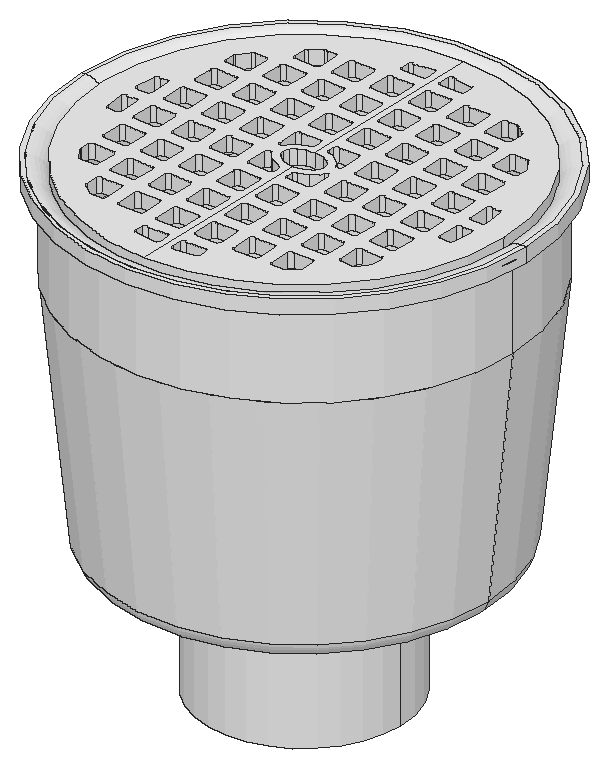
Revit family "Receptor_Sani-Flor_8_Inch_Round_6_Inch_Sump-Zurn-Z1960", category Plumbing Fixtures, Revit 2022 (continued)
Definition of nested family "Z1960-Grate"
  Forms (in)
    Extrusion 2, void
      sketch origin (0, 0, 0) x (1, 0, 0) y (0, 1, 0)
        loop
          arc (0.5782, -0.17191) -> (0.55995, -0.12786) -> (0.5159, -0.10961) r 0.0623
          arc (0.5159, -0.10961) -> (0.48583, -0.11865) -> (0.46399, -0.1412) r 0.06231
          arc (0.46399, -0.1412) -> (0.40736, -0.21858) -> (0.33433, -0.28072) r 0.4106
        loop
          circle (-0.00376, 0) r 3.59375
        loop
          circle (0, 0) r 3.99606
        loop
          arc (0, 0.25) -> (-0.07529, 0.24492) -> (-0.14921, 0.22978) r 0.56055
          arc (-0.14921, 0.22978) -> (-0.2093, 0.2079) -> (-0.26516, 0.17678) r 0.40191
          arc (-0.26516, 0.17678) -> (-0.31192, 0.13781) -> (-0.34936, 0.08983) r 0.28571
          arc (-0.34936, 0.08983) -> (-0.36847, 0.04671) -> (-0.375, 0) r 0.17022
          arc (-0.375, 0) -> (-0.36847, -0.04671) -> (-0.34936, -0.08983) r 0.17022
          arc (-0.34936, -0.08983) -> (-0.31192, -0.13781) -> (-0.26516, -0.17678) r 0.28571
          arc (-0.26516, -0.17678) -> (-0.2093, -0.2079) -> (-0.14921, -0.22978) r 0.40191
          arc (-0.14921, -0.22978) -> (-0.07529, -0.24492) -> (0, -0.25) r 0.56055
          arc (0, -0.25) -> (0.07529, -0.24492) -> (0.14921, -0.22978) r 0.56055
          arc (0.14921, -0.22978) -> (0.2093, -0.2079) -> (0.26517, -0.17678) r 0.40191
          arc (0.26517, -0.17678) -> (0.31192, -0.13781) -> (0.34936, -0.08983) r 0.28571
          arc (0.34936, -0.08983) -> (0.36847, -0.04671) -> (0.375, 0) r 0.17022
          arc (0.375, 0) -> (0.36847, 0.04671) -> (0.34936, 0.08983) r 0.17022
          arc (0.34936, 0.08983) -> (0.31192, 0.13781) -> (0.26517, 0.17678) r 0.28571
          arc (0.26517, 0.17678) -> (0.2093, 0.2079) -> (0.14921, 0.22978) r 0.40191
          arc (0.14921, 0.22978) -> (0.07529, 0.24492) -> (0, 0.25) r 0.56055
      from -0.25 to 0
  Cuts and joins
    Extrusion 2 cuts Revolve 1
  Lines and regions (in)
    symbolic lines, detail levels fine
      curve 1: arc (-0.17535, 3.15138, 0) -> (-0.35124, 3.13665, 0) -> (-0.52604, 3.1121, 0) r 3.15625
      curve 2: arc (-0.52604, 3.1121, 0) -> (-0.56336, 3.09082, 0) -> (-0.57812, 3.05048, 0) r 0.0625
      curve 3: line (-0.57812, 3.05048, 0) -> (-0.57812, 2.92187, 0)
      curve 4: arc (-0.57812, 2.92187, 0) -> (-0.55982, 2.87768, 0) -> (-0.51562, 2.85937, 0) r 0.0625
      curve 5: line (-0.51562, 2.85937, 0) -> (-0.17187, 2.85937, 0)
      curve 6: arc (-0.17187, 2.85937, 0) -> (-0.12768, 2.87768, 0) -> (-0.10937, 2.92187, 0) r 0.0625
      curve 7: line (-0.10937, 2.92187, 0) -> (-0.10937, 3.08897, 0)
      curve 8: arc (-0.10937, 3.08897, 0) -> (-0.12893, 3.13438, 0) -> (-0.17535, 3.15138, 0) r 0.0625
      curve 9: arc (0.17535, 3.15138, 0) -> (0.35124, 3.13665, 0) -> (0.52604, 3.1121, 0) r 3.15625
      curve 10: arc (0.52604, 3.1121, 0) -> (0.56336, 3.09082, 0) -> (0.57812, 3.05048, 0) r 0.0625
      curve 11: line (0.57812, 3.05048, 0) -> (0.57812, 2.92187, 0)
      curve 12: arc (0.57812, 2.92187, 0) -> (0.55982, 2.87768, 0) -> (0.51562, 2.85937, 0) r 0.0625
      curve 13: line (0.51562, 2.85937, 0) -> (0.17187, 2.85937, 0)
      curve 14: arc (0.17187, 2.85937, 0) -> (0.12768, 2.87768, 0) -> (0.10937, 2.92187, 0) r 0.0625
      curve 15: line (0.10937, 2.92187, 0) -> (0.10937, 3.08897, 0)
      curve 16: arc (0.10937, 3.08897, 0) -> (0.12893, 3.13438, 0) -> (0.17535, 3.15138, 0) r 0.0625
      curve 17: line (-0.17187, 2.64063, 0) -> (-0.51562, 2.64063, 0)
      curve 18: arc (-0.51562, 2.64063, 0) -> (-0.55982, 2.62232, 0) -> (-0.57812, 2.57813, 0) r 0.0625
      curve 19: line (-0.57812, 2.57813, 0) -> (-0.57812, 2.23437, 0)
      curve 20: arc (-0.57812, 2.23437, 0) -> (-0.55982, 2.19018, 0) -> (-0.51562, 2.17187, 0) r 0.0625
      curve 21: line (-0.51562, 2.17187, 0) -> (-0.17187, 2.17187, 0)
      curve 22: arc (-0.17187, 2.17187, 0) -> (-0.12768, 2.19018, 0) -> (-0.10937, 2.23438, 0) r 0.0625
      curve 23: line (-0.10937, 2.23438, 0) -> (-0.10937, 2.57813, 0)
      curve 24: arc (-0.10937, 2.57813, 0) -> (-0.12768, 2.62232, 0) -> (-0.17187, 2.64063, 0) r 0.0625
      curve 25: line (-0.85937, 2.64063, 0) -> (-1.20312, 2.64063, 0)
      curve 26: arc (-1.20312, 2.64063, 0) -> (-1.24732, 2.62232, 0) -> (-1.26562, 2.57813, 0) r 0.0625
      curve 27: arc (-0.79687, 2.57813, 0) -> (-0.81518, 2.62232, 0) -> (-0.85937, 2.64063, 0) r 0.0625
      curve 28: line (-0.79687, 2.23437, 0) -> (-0.79687, 2.57813, 0)
      curve 29: line (-1.26562, 2.57813, 0) -> (-1.26562, 2.23437, 0)
      curve 30: arc (-1.26562, 2.23437, 0) -> (-1.24732, 2.19018, 0) -> (-1.20312, 2.17187, 0) r 0.0625
      curve 31: line (-1.20312, 2.17187, 0) -> (-0.85937, 2.17187, 0)
      curve 32: arc (-0.85937, 2.17187, 0) -> (-0.81518, 2.19018, 0) -> (-0.79687, 2.23437, 0) r 0.0625
      curve 33: arc (-1.74468, 2.63021, 0) -> (-1.83793, 2.56591, 0) -> (-1.92882, 2.49831, 0) r 3.15625
      curve 34: arc (-1.92882, 2.49831, 0) -> (-1.94672, 2.4764, 0) -> (-1.95312, 2.44884, 0) r 0.0625
      curve 35: line (-1.95312, 2.44884, 0) -> (-1.95312, 2.23437, 0)
      curve 36: arc (-1.95312, 2.23437, 0) -> (-1.93482, 2.19018, 0) -> (-1.89062, 2.17187, 0) r 0.0625
      curve 37: line (-1.89062, 2.17187, 0) -> (-1.54687, 2.17187, 0)
      curve 38: arc (-1.54687, 2.17187, 0) -> (-1.50268, 2.19018, 0) -> (-1.48437, 2.23437, 0) r 0.0625
      curve 39: line (-1.48437, 2.23437, 0) -> (-1.48437, 2.57813, 0)
      curve 40: arc (-1.48437, 2.57813, 0) -> (-1.50268, 2.62232, 0) -> (-1.54687, 2.64063, 0) r 0.0625
      curve 41: line (-1.54687, 2.64063, 0) -> (-1.71013, 2.64063, 0)
      curve 42: arc (-1.71013, 2.64063, 0) -> (-1.72818, 2.63796, 0) -> (-1.74468, 2.63021, 0) r 0.0625
      curve 43: arc (-2.49831, 1.92882, 0) -> (-2.56591, 1.83793, 0) -> (-2.63021, 1.74468, 0) r 3.15625
      curve 44: arc (-2.44884, 1.95312, 0) -> (-2.4764, 1.94672, 0) -> (-2.49831, 1.92882, 0) r 0.0625
      curve 45: line (-2.23437, 1.95312, 0) -> (-2.44884, 1.95312, 0)
      curve 46: arc (-2.17187, 1.89062, 0) -> (-2.19018, 1.93482, 0) -> (-2.23437, 1.95312, 0) r 0.0625
      curve 47: line (-2.17187, 1.54688, 0) -> (-2.17187, 1.89062, 0)
      curve 48: arc (-2.23437, 1.48438, 0) -> (-2.19018, 1.50268, 0) -> (-2.17187, 1.54688, 0) r 0.0625
      curve 49: line (-2.57812, 1.48437, 0) -> (-2.23437, 1.48437, 0)
      curve 50: arc (-2.64062, 1.54687, 0) -> (-2.62232, 1.50268, 0) -> (-2.57812, 1.48437, 0) r 0.0625
      curve 51: line (-2.64062, 1.71013, 0) -> (-2.64062, 1.54687, 0)
      curve 52: arc (-2.63021, 1.74468, 0) -> (-2.63796, 1.72818, 0) -> (-2.64062, 1.71013, 0) r 0.0625
      curve 53: line (-1.54687, 1.95312, 0) -> (-1.89062, 1.95312, 0)
      curve 54: arc (-1.89062, 1.95312, 0) -> (-1.93482, 1.93482, 0) -> (-1.95312, 1.89062, 0) r 0.0625
      curve 55: arc (-1.48437, 1.89062, 0) -> (-1.50268, 1.93482, 0) -> (-1.54687, 1.95312, 0) r 0.0625
      curve 56: line (-1.48437, 1.54688, 0) -> (-1.48437, 1.89062, 0)
      curve 57: line (-1.95312, 1.89062, 0) -> (-1.95312, 1.54687, 0)
      curve 58: arc (-1.95312, 1.54687, 0) -> (-1.93482, 1.50268, 0) -> (-1.89062, 1.48438, 0) r 0.0625
      curve 59: arc (-1.54687, 1.48437, 0) -> (-1.50268, 1.50268, 0) -> (-1.48437, 1.54688, 0) r 0.0625
      curve 60: line (-1.89062, 1.48438, 0) -> (-1.54687, 1.48437, 0)
      curve 61: line (-0.85937, 1.95312, 0) -> (-1.20312, 1.95312, 0)
      curve 62: arc (-1.20312, 1.95312, 0) -> (-1.24732, 1.93482, 0) -> (-1.26562, 1.89062, 0) r 0.0625
      curve 63: arc (-0.79687, 1.89062, 0) -> (-0.81518, 1.93482, 0) -> (-0.85937, 1.95312, 0) r 0.0625
      curve 64: line (-0.79687, 1.54688, 0) -> (-0.79687, 1.89062, 0)
      curve 65: line (-1.26562, 1.89062, 0) -> (-1.26562, 1.54688, 0)
      curve 66: arc (-1.26562, 1.54687, 0) -> (-1.24732, 1.50268, 0) -> (-1.20312, 1.48438, 0) r 0.0625
      curve 67: arc (-0.85937, 1.48438, 0) -> (-0.81518, 1.50268, 0) -> (-0.79687, 1.54688, 0) r 0.0625
      curve 68: line (-1.20312, 1.48438, 0) -> (-0.85937, 1.48437, 0)
      curve 69: arc (-0.57713, 1.54687, 0) -> (-0.55882, 1.50268, 0) -> (-0.51463, 1.48438, 0) r 0.0625
      curve 70: line (-0.57713, 1.89062, 0) -> (-0.57713, 1.54688, 0)
      curve 71: arc (-0.51463, 1.95312, 0) -> (-0.55882, 1.93482, 0) -> (-0.57713, 1.89062, 0) r 0.0625
      curve 72: line (-0.17088, 1.95312, 0) -> (-0.51463, 1.95312, 0)
      curve 73: line (-0.51463, 1.48438, 0) -> (-0.17088, 1.48437, 0)
      curve 74: arc (-0.17088, 1.48438, 0) -> (-0.12668, 1.50268, 0) -> (-0.10838, 1.54688, 0) r 0.0625
      curve 75: line (-0.10838, 1.54688, 0) -> (-0.10838, 1.89062, 0)
      curve 76: arc (-0.10838, 1.89062, 0) -> (-0.12668, 1.93482, 0) -> (-0.17088, 1.95312, 0) r 0.0625
      curve 77: line (-0.17187, 1.26562, 0) -> (-0.51562, 1.26562, 0)
      curve 78: arc (-0.51562, 1.26562, 0) -> (-0.55982, 1.24732, 0) -> (-0.57812, 1.20312, 0) r 0.0625
      curve 79: arc (-0.10937, 1.20312, 0) -> (-0.12768, 1.24732, 0) -> (-0.17187, 1.26562, 0) r 0.0625
      curve 80: line (-0.10937, 0.85938, 0) -> (-0.10937, 1.20312, 0)
      curve 81: line (-0.57812, 1.20312, 0) -> (-0.57812, 0.85938, 0)
      curve 82: arc (-0.57812, 0.85938, 0) -> (-0.55982, 0.81518, 0) -> (-0.51562, 0.79688, 0) r 0.0625
      curve 83: line (-0.51562, 0.79688, 0) -> (-0.17187, 0.79688, 0)
      curve 84: arc (-0.17187, 0.79688, 0) -> (-0.12768, 0.81518, 0) -> (-0.10937, 0.85938, 0) r 0.0625
      curve 85: line (-0.79687, 0.85938, 0) -> (-0.79687, 1.20312, 0)
      curve 86: line (-0.85937, 1.26562, 0) -> (-1.20312, 1.26562, 0)
      curve 87: arc (-0.79687, 1.20312, 0) -> (-0.81518, 1.24732, 0) -> (-0.85937, 1.26562, 0) r 0.0625
      curve 88: arc (-1.20312, 1.26562, 0) -> (-1.24732, 1.24732, 0) -> (-1.26562, 1.20312, 0) r 0.0625
      curve 89: line (-1.26562, 1.20312, 0) -> (-1.26562, 0.85937, 0)
      curve 90: arc (-1.26562, 0.85937, 0) -> (-1.24732, 0.81518, 0) -> (-1.20312, 0.79687, 0) r 0.0625
      curve 91: line (-1.20312, 0.79687, 0) -> (-0.85937, 0.79688, 0)
      curve 92: arc (-0.85937, 0.79688, 0) -> (-0.81518, 0.81518, 0) -> (-0.79687, 0.85938, 0) r 0.0625
      curve 93: line (-1.54687, 1.26562, 0) -> (-1.89062, 1.26562, 0)
      curve 94: arc (-1.89062, 1.26562, 0) -> (-1.93482, 1.24732, 0) -> (-1.95312, 1.20312, 0) r 0.0625
      curve 95: arc (-1.48437, 1.20312, 0) -> (-1.50268, 1.24732, 0) -> (-1.54687, 1.26562, 0) r 0.0625
      curve 96: line (-1.48437, 0.85937, 0) -> (-1.48437, 1.20312, 0)
      curve 97: line (-1.95312, 1.20312, 0) -> (-1.95312, 0.85937, 0)
      curve 98: arc (-1.95312, 0.85937, 0) -> (-1.93482, 0.81518, 0) -> (-1.89062, 0.79687, 0) r 0.0625
      curve 99: arc (-1.54687, 0.79687, 0) -> (-1.50268, 0.81518, 0) -> (-1.48437, 0.85937, 0) r 0.0625
      curve 100: line (-1.89062, 0.79687, 0) -> (-1.54687, 0.79687, 0)
      curve 101: line (-2.23437, 1.26562, 0) -> (-2.57812, 1.26562, 0)
      curve 102: arc (-2.17187, 1.20312, 0) -> (-2.19018, 1.24732, 0) -> (-2.23437, 1.26562, 0) r 0.0625
      curve 103: arc (-2.57812, 1.26562, 0) -> (-2.62232, 1.24732, 0) -> (-2.64062, 1.20312, 0) r 0.0625
      curve 104: line (-2.64062, 1.20312, 0) -> (-2.64062, 0.85937, 0)
      curve 105: line (-2.17187, 0.85937, 0) -> (-2.17187, 1.20312, 0)
      curve 106: arc (-2.23437, 0.79687, 0) -> (-2.19018, 0.81518, 0) -> (-2.17187, 0.85937, 0) r 0.0625
      curve 107: arc (-2.64062, 0.85937, 0) -> (-2.62232, 0.81518, 0) -> (-2.57812, 0.79687, 0) r 0.0625
      curve 108: line (-2.57812, 0.79687, 0) -> (-2.23437, 0.79687, 0)
      curve 109: arc (-3.1121, 0.52604, 0) -> (-3.13664, 0.35124, 0) -> (-3.15138, 0.17535, 0) r 3.15625
      curve 110: arc (-3.05048, 0.57812, 0) -> (-3.09082, 0.56336, 0) -> (-3.1121, 0.52604, 0) r 0.0625
      curve 111: line (-2.92187, 0.57812, 0) -> (-3.05048, 0.57812, 0)
      curve 112: arc (-2.85937, 0.51562, 0) -> (-2.87768, 0.55982, 0) -> (-2.92187, 0.57812, 0) r 0.0625
      curve 113: line (-2.85937, 0.17187, 0) -> (-2.85937, 0.51562, 0)
      curve 114: arc (-2.92187, 0.10937, 0) -> (-2.87768, 0.12768, 0) -> (-2.85937, 0.17187, 0) r 0.0625
      curve 115: line (-3.08897, 0.10937, 0) -> (-2.92187, 0.10937, 0)
      curve 116: arc (-3.15138, 0.17535, 0) -> (-3.13438, 0.12893, 0) -> (-3.08897, 0.10937, 0) r 0.0625
      curve 117: line (-2.64062, 0.51562, 0) -> (-2.64062, 0.17187, 0)
      curve 118: arc (-2.57812, 0.57812, 0) -> (-2.62232, 0.55982, 0) -> (-2.64062, 0.51562, 0) r 0.0625
      curve 119: line (-2.23437, 0.57812, 0) -> (-2.57812, 0.57813, 0)
      curve 120: arc (-2.17187, 0.51563, 0) -> (-2.19018, 0.55982, 0) -> (-2.23437, 0.57812, 0) r 0.0625
      curve 121: line (-2.17187, 0.17187, 0) -> (-2.17187, 0.51563, 0)
      curve 122: arc (-2.23437, 0.10937, 0) -> (-2.19018, 0.12768, 0) -> (-2.17187, 0.17187, 0) r 0.0625
      curve 123: line (-2.57812, 0.10937, 0) -> (-2.23437, 0.10937, 0)
      curve 124: arc (-2.64062, 0.17187, 0) -> (-2.62232, 0.12768, 0) -> (-2.57812, 0.10937, 0) r 0.0625
      curve 125: line (-1.95312, 0.51562, 0) -> (-1.95312, 0.17187, 0)
      curve 126: arc (-1.89062, 0.57812, 0) -> (-1.93482, 0.55982, 0) -> (-1.95312, 0.51562, 0) r 0.0625
      curve 127: line (-1.54687, 0.57812, 0) -> (-1.89062, 0.57812, 0)
      curve 128: arc (-1.48437, 0.51562, 0) -> (-1.50268, 0.55982, 0) -> (-1.54687, 0.57812, 0) r 0.0625
      curve 129: line (-1.48437, 0.17187, 0) -> (-1.48437, 0.51562, 0)
      curve 130: arc (-1.54687, 0.10937, 0) -> (-1.50268, 0.12768, 0) -> (-1.48437, 0.17187, 0) r 0.0625
      curve 131: line (-1.89062, 0.10937, 0) -> (-1.54687, 0.10937, 0)
      curve 132: arc (-1.95312, 0.17187, 0) -> (-1.93482, 0.12768, 0) -> (-1.89062, 0.10937, 0) r 0.0625
      curve 133: arc (-0.85937, 0.10937, 0) -> (-0.81518, 0.12768, 0) -> (-0.79687, 0.17187, 0) r 0.0625
      curve 134: arc (-0.79687, 0.51562, 0) -> (-0.81518, 0.55982, 0) -> (-0.85937, 0.57812, 0) r 0.0625
      curve 135: line (-0.79687, 0.17187, 0) -> (-0.79687, 0.51562, 0)
      curve 136: line (-0.85937, 0.57812, 0) -> (-1.20312, 0.57812, 0)
      curve 137: arc (-1.20312, 0.57812, 0) -> (-1.24732, 0.55982, 0) -> (-1.26562, 0.51562, 0) r 0.0625
      curve 138: line (-1.20312, 0.10937, 0) -> (-0.85937, 0.10937, 0)
      curve 139: arc (-1.26562, 0.17187, 0) -> (-1.24732, 0.12768, 0) -> (-1.20312, 0.10937, 0) r 0.0625
      curve 140: line (-1.26562, 0.51562, 0) -> (-1.26562, 0.17187, 0)
      curve 141: arc (-0.5782, 0.17191, 0) -> (-0.55995, 0.12786, 0) -> (-0.5159, 0.10961, 0) r 0.0623
      curve 142: arc (-0.5159, 0.10961, 0) -> (-0.48583, 0.11865, 0) -> (-0.46399, 0.1412, 0) r 0.06231
      curve 143: arc (-0.46399, 0.1412, 0) -> (-0.40736, 0.21858, 0) -> (-0.33433, 0.28072, 0) r 0.4106
      curve 144: arc (-0.33433, 0.28072, 0) -> (-0.24968, 0.32664, 0) -> (-0.15812, 0.35652, 0) r 0.53073
      curve 145: arc (-0.15812, 0.35652, 0) -> (-0.12305, 0.37846, 0) -> (-0.10937, 0.41749, 0) r 0.0625
      curve 146: line (-0.10937, 0.41749, 0) -> (-0.10937, 0.51563, 0)
      curve 147: arc (-0.10937, 0.51563, 0) -> (-0.12768, 0.55983, 0) -> (-0.17188, 0.57814, 0) r 0.06251
      curve 148: line (-0.17188, 0.57814, 0) -> (-0.51566, 0.57814, 0)
      curve 149: arc (-0.51566, 0.57814, 0) -> (-0.55988, 0.55983, 0) -> (-0.5782, 0.51561, 0) r 0.06254
      curve 150: line (-0.5782, 0.51561, 0) -> (-0.5782, 0.17191, 0)
      curve 151: line (0.10937, 0.51563, 0) -> (0.10937, 0.41749, 0)
      curve 152: arc (0.17188, 0.57814, 0) -> (0.12768, 0.55983, 0) -> (0.10937, 0.51563, 0) r 0.06251
      curve 153: line (0.51566, 0.57814, 0) -> (0.17188, 0.57814, 0)
      curve 154: arc (0.5782, 0.51561, 0) -> (0.55988, 0.55983, 0) -> (0.51566, 0.57814, 0) r 0.06254
      curve 155: line (0.5782, 0.17191, 0) -> (0.5782, 0.51561, 0)
      curve 156: arc (0.5159, 0.10961, 0) -> (0.55995, 0.12786, 0) -> (0.5782, 0.17191, 0) r 0.0623
      curve 157: arc (0.46399, 0.1412, 0) -> (0.48583, 0.11865, 0) -> (0.5159, 0.10961, 0) r 0.06231
      curve 158: arc (0.33433, 0.28072, 0) -> (0.40736, 0.21858, 0) -> (0.46399, 0.1412, 0) r 0.4106
      curve 159: arc (0.15812, 0.35652, 0) -> (0.24968, 0.32664, 0) -> (0.33433, 0.28072, 0) r 0.53073
      curve 160: arc (0.10937, 0.41749, 0) -> (0.12305, 0.37846, 0) -> (0.15812, 0.35652, 0) r 0.0625
      curve 161: arc (0, 0.25, 0) -> (-0.07529, 0.24492, 0) -> (-0.14921, 0.22978, 0) r 0.56055
      curve 162: arc (-0.14921, 0.22978, 0) -> (-0.2093, 0.2079, 0) -> (-0.26516, 0.17678, 0) r 0.40191
      curve 163: arc (-0.26516, 0.17678, 0) -> (-0.31192, 0.13781, 0) -> (-0.34936, 0.08983, 0) r 0.28571
      curve 164: arc (-0.34936, 0.08983, 0) -> (-0.36847, 0.04671, 0) -> (-0.375, 0, 0) r 0.17022
      curve 165: arc (0.14921, 0.22978, 0) -> (0.07529, 0.24492, 0) -> (0, 0.25, 0) r 0.56055
      curve 166: arc (0.26517, 0.17678, 0) -> (0.2093, 0.2079, 0) -> (0.14921, 0.22978, 0) r 0.40191
      curve 167: arc (0.34936, 0.08983, 0) -> (0.31192, 0.13781, 0) -> (0.26517, 0.17678, 0) r 0.28571
      curve 168: arc (0.375, 0, 0) -> (0.36847, 0.04671, 0) -> (0.34936, 0.08983, 0) r 0.17022
      curve 169: arc (0.34936, -0.08983, 0) -> (0.36847, -0.04671, 0) -> (0.375, 0, 0) r 0.17022
      curve 170: arc (0.26517, -0.17678, 0) -> (0.31192, -0.13781, 0) -> (0.34936, -0.08983, 0) r 0.28571
      curve 171: arc (0.14921, -0.22978, 0) -> (0.2093, -0.2079, 0) -> (0.26517, -0.17678, 0) r 0.40191
      curve 172: arc (0, -0.25, 0) -> (0.07529, -0.24492, 0) -> (0.14921, -0.22978, 0) r 0.56055
      curve 173: arc (-0.14921, -0.22978, 0) -> (-0.07529, -0.24492, 0) -> (0, -0.25, 0) r 0.56055
      curve 174: arc (-0.26516, -0.17678, 0) -> (-0.2093, -0.2079, 0) -> (-0.14921, -0.22978, 0) r 0.40191
      curve 175: arc (-0.34936, -0.08983, 0) -> (-0.31192, -0.13781, 0) -> (-0.26516, -0.17678, 0) r 0.28571
      curve 176: arc (-0.375, 0, 0) -> (-0.36847, -0.04671, 0) -> (-0.34936, -0.08983, 0) r 0.17022
      curve 177: arc (0.85937, 0.57812, 0) -> (0.81518, 0.55982, 0) -> (0.79687, 0.51562, 0) r 0.0625
      curve 178: line (0.79687, 0.51562, 0) -> (0.79687, 0.17187, 0)
      curve 179: arc (0.79687, 0.17187, 0) -> (0.81518, 0.12768, 0) -> (0.85937, 0.10937, 0) r 0.0625
      curve 180: line (0.85937, 0.10937, 0) -> (1.20312, 0.10937, 0)
      curve 181: line (1.20312, 0.57812, 0) -> (0.85937, 0.57812, 0)
      curve 182: arc (1.26562, 0.51562, 0) -> (1.24732, 0.55982, 0) -> (1.20312, 0.57812, 0) r 0.0625
      curve 183: arc (1.20312, 0.10937, 0) -> (1.24732, 0.12768, 0) -> (1.26562, 0.17187, 0) r 0.0625
      curve 184: line (1.26562, 0.17187, 0) -> (1.26562, 0.51562, 0)
      curve 185: line (1.48437, 0.51562, 0) -> (1.48437, 0.17187, 0)
      curve 186: arc (1.54687, 0.57812, 0) -> (1.50268, 0.55982, 0) -> (1.48437, 0.51562, 0) r 0.0625
      curve 187: line (1.89062, 0.57812, 0) -> (1.54687, 0.57812, 0)
      curve 188: arc (1.95312, 0.51562, 0) -> (1.93482, 0.55982, 0) -> (1.89062, 0.57812, 0) r 0.0625
      curve 189: line (1.95312, 0.17187, 0) -> (1.95312, 0.51562, 0)
      curve 190: arc (1.89062, 0.10937, 0) -> (1.93482, 0.12768, 0) -> (1.95312, 0.17187, 0) r 0.0625
      curve 191: line (1.54687, 0.10937, 0) -> (1.89062, 0.10937, 0)
      curve 192: arc (1.48437, 0.17187, 0) -> (1.50268, 0.12768, 0) -> (1.54687, 0.10937, 0) r 0.0625
      curve 193: arc (2.23437, 0.57812, 0) -> (2.19018, 0.55982, 0) -> (2.17187, 0.51563, 0) r 0.0625
      curve 194: line (2.57812, 0.57813, 0) -> (2.23437, 0.57812, 0)
      curve 195: line (2.17187, 0.51563, 0) -> (2.17187, 0.17187, 0)
      curve 196: arc (2.64062, 0.51562, 0) -> (2.62232, 0.55982, 0) -> (2.57812, 0.57812, 0) r 0.0625
      curve 197: line (2.64062, 0.17187, 0) -> (2.64062, 0.51562, 0)
      curve 198: arc (2.17187, 0.17187, 0) -> (2.19018, 0.12768, 0) -> (2.23437, 0.10937, 0) r 0.0625
      curve 199: arc (2.57812, 0.10937, 0) -> (2.62232, 0.12768, 0) -> (2.64062, 0.17187, 0) r 0.0625
      curve 200: line (2.23437, 0.10937, 0) -> (2.57812, 0.10937, 0)
      curve 201: arc (3.08897, 0.10937, 0) -> (3.13438, 0.12893, 0) -> (3.15138, 0.17535, 0) r 0.0625
      curve 202: arc (3.15138, 0.17535, 0) -> (3.13664, 0.35124, 0) -> (3.1121, 0.52604, 0) r 3.15625
      curve 203: arc (3.1121, 0.52604, 0) -> (3.09082, 0.56336, 0) -> (3.05048, 0.57812, 0) r 0.0625
      curve 204: line (3.05048, 0.57812, 0) -> (2.92187, 0.57812, 0)
      curve 205: arc (2.92187, 0.57812, 0) -> (2.87768, 0.55982, 0) -> (2.85937, 0.51562, 0) r 0.0625
      curve 206: line (2.85937, 0.51562, 0) -> (2.85937, 0.17187, 0)
      curve 207: arc (2.85937, 0.17187, 0) -> (2.87768, 0.12768, 0) -> (2.92187, 0.10937, 0) r 0.0625
      curve 208: line (2.92187, 0.10937, 0) -> (3.08897, 0.10937, 0)
      curve 209: line (0.51562, 2.64063, 0) -> (0.17187, 2.64063, 0)
      curve 210: arc (0.17187, 2.64063, 0) -> (0.12768, 2.62232, 0) -> (0.10937, 2.57813, 0) r 0.0625
      curve 211: arc (0.57812, 2.57812, 0) -> (0.55982, 2.62232, 0) -> (0.51562, 2.64063, 0) r 0.0625
      curve 212: line (0.57812, 2.23437, 0) -> (0.57812, 2.57813, 0)
      curve 213: line (0.10937, 2.57813, 0) -> (0.10937, 2.23437, 0)
      curve 214: arc (0.10937, 2.23437, 0) -> (0.12768, 2.19018, 0) -> (0.17187, 2.17187, 0) r 0.0625
      curve 215: line (0.17187, 2.17187, 0) -> (0.51562, 2.17187, 0)
      curve 216: arc (0.51562, 2.17187, 0) -> (0.55982, 2.19018, 0) -> (0.57812, 2.23437, 0) r 0.0625
      curve 217: line (1.26562, 2.23437, 0) -> (1.26562, 2.57813, 0)
      curve 218: arc (1.26562, 2.57812, 0) -> (1.24732, 2.62232, 0) -> (1.20312, 2.64063, 0) r 0.0625
      curve 219: line (1.20312, 2.64063, 0) -> (0.85937, 2.64063, 0)
      curve 220: arc (0.85937, 2.64063, 0) -> (0.81518, 2.62232, 0) -> (0.79687, 2.57813, 0) r 0.0625
      curve 221: line (0.79687, 2.57813, 0) -> (0.79687, 2.23437, 0)
      curve 222: arc (0.79687, 2.23437, 0) -> (0.81518, 2.19018, 0) -> (0.85937, 2.17187, 0) r 0.0625
      curve 223: arc (1.20312, 2.17187, 0) -> (1.24732, 2.19018, 0) -> (1.26562, 2.23437, 0) r 0.0625
      curve 224: line (0.85937, 2.17187, 0) -> (1.20312, 2.17187, 0)
      curve 225: arc (1.92882, 2.49831, 0) -> (1.83793, 2.56591, 0) -> (1.74468, 2.63021, 0) r 3.15625
      curve 226: line (1.71013, 2.64063, 0) -> (1.54687, 2.64063, 0)
      curve 227: arc (1.74468, 2.63021, 0) -> (1.72818, 2.63796, 0) -> (1.71013, 2.64063, 0) r 0.0625
      curve 228: arc (1.95312, 2.44884, 0) -> (1.94672, 2.4764, 0) -> (1.92882, 2.49831, 0) r 0.0625
      curve 229: line (1.95312, 2.23437, 0) -> (1.95312, 2.44884, 0)
      curve 230: arc (1.89062, 2.17187, 0) -> (1.93482, 2.19018, 0) -> (1.95312, 2.23437, 0) r 0.0625
      curve 231: line (1.54687, 2.17187, 0) -> (1.89062, 2.17187, 0)
      curve 232: arc (1.48437, 2.23437, 0) -> (1.50268, 2.19018, 0) -> (1.54687, 2.17187, 0) r 0.0625
      curve 233: line (1.48437, 2.57813, 0) -> (1.48437, 2.23437, 0)
      curve 234: arc (1.54687, 2.64063, 0) -> (1.50268, 2.62232, 0) -> (1.48437, 2.57813, 0) r 0.0625
      curve 235: line (0.51463, 1.95312, 0) -> (0.17088, 1.95312, 0)
      curve 236: arc (0.17088, 1.95312, 0) -> (0.12668, 1.93482, 0) -> (0.10838, 1.89062, 0) r 0.0625
      curve 237: arc (0.57713, 1.89062, 0) -> (0.55882, 1.93482, 0) -> (0.51463, 1.95312, 0) r 0.0625
      curve 238: line (0.10838, 1.89062, 0) -> (0.10838, 1.54688, 0)
      curve 239: line (0.57713, 1.54688, 0) -> (0.57713, 1.89062, 0)
      curve 240: arc (0.51463, 1.48438, 0) -> (0.55882, 1.50268, 0) -> (0.57713, 1.54687, 0) r 0.0625
      curve 241: arc (0.10838, 1.54688, 0) -> (0.12668, 1.50268, 0) -> (0.17088, 1.48438, 0) r 0.0625
      curve 242: line (0.17088, 1.48437, 0) -> (0.51463, 1.48438, 0)
      curve 243: arc (0.85937, 1.95312, 0) -> (0.81518, 1.93482, 0) -> (0.79687, 1.89062, 0) r 0.0625
      curve 244: line (1.20312, 1.95312, 0) -> (0.85937, 1.95312, 0)
      curve 245: arc (1.26562, 1.89062, 0) -> (1.24732, 1.93482, 0) -> (1.20312, 1.95312, 0) r 0.0625
      curve 246: line (1.26562, 1.54688, 0) -> (1.26562, 1.89062, 0)
      curve 247: line (0.79687, 1.89062, 0) -> (0.79687, 1.54688, 0)
      curve 248: arc (0.79687, 1.54688, 0) -> (0.81518, 1.50268, 0) -> (0.85937, 1.48438, 0) r 0.0625
      curve 249: line (0.85937, 1.48437, 0) -> (1.20312, 1.48438, 0)
      curve 250: arc (1.20312, 1.48438, 0) -> (1.24732, 1.50268, 0) -> (1.26562, 1.54687, 0) r 0.0625
      curve 251: line (1.48437, 1.89062, 0) -> (1.48437, 1.54688, 0)
      curve 252: arc (1.54687, 1.95312, 0) -> (1.50268, 1.93482, 0) -> (1.48437, 1.89062, 0) r 0.0625
      curve 253: arc (1.48437, 1.54687, 0) -> (1.50268, 1.50268, 0) -> (1.54687, 1.48437, 0) r 0.0625
      curve 254: line (1.54687, 1.48437, 0) -> (1.89062, 1.48438, 0)
      curve 255: line (1.89062, 1.95312, 0) -> (1.54687, 1.95312, 0)
      curve 256: arc (1.95312, 1.89062, 0) -> (1.93482, 1.93482, 0) -> (1.89062, 1.95312, 0) r 0.0625
      curve 257: line (1.95312, 1.54688, 0) -> (1.95312, 1.89062, 0)
      curve 258: arc (1.89062, 1.48438, 0) -> (1.93482, 1.50268, 0) -> (1.95312, 1.54687, 0) r 0.0625
      curve 259: arc (2.63021, 1.74468, 0) -> (2.56591, 1.83793, 0) -> (2.49831, 1.92882, 0) r 3.15625
      curve 260: arc (2.49831, 1.92882, 0) -> (2.4764, 1.94672, 0) -> (2.44884, 1.95312, 0) r 0.0625
      curve 261: arc (2.64062, 1.71013, 0) -> (2.63796, 1.72818, 0) -> (2.63021, 1.74468, 0) r 0.0625
      curve 262: line (2.64062, 1.54687, 0) -> (2.64062, 1.71013, 0)
      curve 263: arc (2.57812, 1.48437, 0) -> (2.62232, 1.50268, 0) -> (2.64062, 1.54687, 0) r 0.0625
      curve 264: line (2.23437, 1.48437, 0) -> (2.57812, 1.48437, 0)
      curve 265: arc (2.17187, 1.54687, 0) -> (2.19018, 1.50268, 0) -> (2.23437, 1.48438, 0) r 0.0625
      curve 266: line (2.17187, 1.89062, 0) -> (2.17187, 1.54688, 0)
      curve 267: arc (2.23437, 1.95312, 0) -> (2.19018, 1.93482, 0) -> (2.17187, 1.89062, 0) r 0.0625
      curve 268: line (2.44884, 1.95312, 0) -> (2.23437, 1.95312, 0)
      curve 269: line (-0.17187, -2.85937, 0) -> (-0.51562, -2.85937, 0)
      curve 270: arc (-0.51562, -2.85937, 0) -> (-0.55982, -2.87768, 0) -> (-0.57812, -2.92187, 0) r 0.0625
      curve 271: line (-0.57812, -2.92187, 0) -> (-0.57812, -3.05048, 0)
      curve 272: arc (-0.57812, -3.05048, 0) -> (-0.56336, -3.09082, 0) -> (-0.52604, -3.1121, 0) r 0.0625
      curve 273: arc (-0.52604, -3.1121, 0) -> (-0.35124, -3.13665, 0) -> (-0.17535, -3.15138, 0) r 3.15625
      curve 274: arc (-0.17535, -3.15138, 0) -> (-0.12893, -3.13438, 0) -> (-0.10937, -3.08897, 0) r 0.0625
      curve 275: line (-0.10937, -3.08897, 0) -> (-0.10937, -2.92187, 0)
      curve 276: arc (-0.10937, -2.92187, 0) -> (-0.12768, -2.87768, 0) -> (-0.17187, -2.85937, 0) r 0.0625
      curve 277: line (0.17187, -2.85937, 0) -> (0.51562, -2.85937, 0)
      curve 278: arc (0.51562, -2.85937, 0) -> (0.55982, -2.87768, 0) -> (0.57812, -2.92187, 0) r 0.0625
      curve 279: line (0.57812, -2.92187, 0) -> (0.57812, -3.05048, 0)
      curve 280: arc (0.57812, -3.05048, 0) -> (0.56336, -3.09082, 0) -> (0.52604, -3.1121, 0) r 0.0625
      curve 281: arc (0.52604, -3.1121, 0) -> (0.35124, -3.13665, 0) -> (0.17535, -3.15138, 0) r 3.15625
      curve 282: arc (0.17535, -3.15138, 0) -> (0.12893, -3.13438, 0) -> (0.10937, -3.08897, 0) r 0.0625
      curve 283: line (0.10937, -3.08897, 0) -> (0.10937, -2.92187, 0)
      curve 284: arc (0.10937, -2.92187, 0) -> (0.12768, -2.87768, 0) -> (0.17187, -2.85937, 0) r 0.0625
      curve 285: line (-0.17187, -2.17187, 0) -> (-0.51562, -2.17187, 0)
      curve 286: arc (-0.51562, -2.17187, 0) -> (-0.55982, -2.19018, 0) -> (-0.57812, -2.23437, 0) r 0.0625
      curve 287: line (-0.57812, -2.23437, 0) -> (-0.57812, -2.57813, 0)
      curve 288: arc (-0.57812, -2.57813, 0) -> (-0.55982, -2.62232, 0) -> (-0.51562, -2.64063, 0) r 0.0625
      curve 289: line (-0.51562, -2.64063, 0) -> (-0.17187, -2.64063, 0)
      curve 290: arc (-0.17187, -2.64063, 0) -> (-0.12768, -2.62232, 0) -> (-0.10937, -2.57812, 0) r 0.0625
      curve 291: line (-0.10937, -2.57813, 0) -> (-0.10937, -2.23438, 0)
      curve 292: arc (-0.10937, -2.23438, 0) -> (-0.12768, -2.19018, 0) -> (-0.17187, -2.17187, 0) r 0.0625
      curve 293: line (-0.85937, -2.17187, 0) -> (-1.20312, -2.17187, 0)
      curve 294: arc (-1.20312, -2.17187, 0) -> (-1.24732, -2.19018, 0) -> (-1.26562, -2.23437, 0) r 0.0625
      curve 295: line (-1.26562, -2.23437, 0) -> (-1.26562, -2.57812, 0)
      curve 296: arc (-1.26562, -2.57812, 0) -> (-1.24732, -2.62232, 0) -> (-1.20312, -2.64062, 0) r 0.0625
      curve 297: line (-1.20312, -2.64062, 0) -> (-0.85937, -2.64062, 0)
      curve 298: arc (-0.85937, -2.64062, 0) -> (-0.81518, -2.62232, 0) -> (-0.79687, -2.57812, 0) r 0.0625
      curve 299: line (-0.79687, -2.57812, 0) -> (-0.79687, -2.23437, 0)
      curve 300: arc (-0.79687, -2.23437, 0) -> (-0.81518, -2.19018, 0) -> (-0.85937, -2.17187, 0) r 0.0625
      curve 301: line (-0.85937, -1.48437, 0) -> (-1.20312, -1.48437, 0)
      curve 302: arc (-1.20312, -1.48437, 0) -> (-1.24732, -1.50268, 0) -> (-1.26562, -1.54688, 0) r 0.0625
      curve 303: line (-1.26562, -1.54688, 0) -> (-1.26562, -1.89063, 0)
      curve 304: arc (-1.26562, -1.89063, 0) -> (-1.24732, -1.93482, 0) -> (-1.20312, -1.95313, 0) r 0.0625
      curve 305: line (-1.20312, -1.95313, 0) -> (-0.85937, -1.95313, 0)
      curve 306: arc (-0.85937, -1.95313, 0) -> (-0.81518, -1.93482, 0) -> (-0.79687, -1.89063, 0) r 0.0625
      curve 307: line (-0.79687, -1.89063, 0) -> (-0.79687, -1.54688, 0)
      curve 308: arc (-0.79687, -1.54688, 0) -> (-0.81518, -1.50268, 0) -> (-0.85937, -1.48437, 0) r 0.0625
      curve 309: line (-0.17088, -1.48438, 0) -> (-0.51463, -1.48438, 0)
      curve 310: arc (-0.51463, -1.48438, 0) -> (-0.55882, -1.50268, 0) -> (-0.57713, -1.54688, 0) r 0.0625
      curve 311: line (-0.57713, -1.54688, 0) -> (-0.57713, -1.89063, 0)
      curve 312: arc (-0.57713, -1.89063, 0) -> (-0.55882, -1.93482, 0) -> (-0.51463, -1.95313, 0) r 0.0625
      curve 313: line (-0.51463, -1.95313, 0) -> (-0.17088, -1.95313, 0)
      curve 314: arc (-0.17088, -1.95313, 0) -> (-0.12668, -1.93482, 0) -> (-0.10838, -1.89063, 0) r 0.0625
      curve 315: line (-0.10838, -1.89063, 0) -> (-0.10838, -1.54688, 0)
      curve 316: arc (-0.10838, -1.54688, 0) -> (-0.12668, -1.50268, 0) -> (-0.17088, -1.48438, 0) r 0.0625
      curve 317: line (-1.54687, -1.48437, 0) -> (-1.89062, -1.48437, 0)
      curve 318: arc (-1.89062, -1.48437, 0) -> (-1.93482, -1.50268, 0) -> (-1.95312, -1.54687, 0) r 0.0625
      curve 319: line (-1.95312, -1.54687, 0) -> (-1.95312, -1.89062, 0)
      curve 320: arc (-1.95312, -1.89062, 0) -> (-1.93482, -1.93482, 0) -> (-1.89062, -1.95312, 0) r 0.0625
      curve 321: line (-1.89062, -1.95312, 0) -> (-1.54687, -1.95312, 0)
      curve 322: arc (-1.54687, -1.95312, 0) -> (-1.50268, -1.93482, 0) -> (-1.48437, -1.89062, 0) r 0.0625
      curve 323: line (-1.48437, -1.89062, 0) -> (-1.48437, -1.54687, 0)
      curve 324: arc (-1.48437, -1.54687, 0) -> (-1.50268, -1.50268, 0) -> (-1.54687, -1.48437, 0) r 0.0625
      curve 325: line (-1.54687, -0.79687, 0) -> (-1.89062, -0.79687, 0)
      curve 326: arc (-1.89062, -0.79687, 0) -> (-1.93482, -0.81518, 0) -> (-1.95312, -0.85937, 0) r 0.0625
      curve 327: line (-1.95312, -0.85937, 0) -> (-1.95312, -1.20312, 0)
      curve 328: arc (-1.95312, -1.20312, 0) -> (-1.93482, -1.24732, 0) -> (-1.89062, -1.26562, 0) r 0.0625
      curve 329: line (-1.89062, -1.26562, 0) -> (-1.54687, -1.26562, 0)
      curve 330: arc (-1.54687, -1.26562, 0) -> (-1.50268, -1.24732, 0) -> (-1.48437, -1.20312, 0) r 0.0625
      curve 331: line (-1.48437, -1.20312, 0) -> (-1.48437, -0.85937, 0)
      curve 332: arc (-1.48437, -0.85937, 0) -> (-1.50268, -0.81518, 0) -> (-1.54687, -0.79687, 0) r 0.0625
      curve 333: line (-2.23437, -0.79687, 0) -> (-2.57812, -0.79687, 0)
      curve 334: arc (-2.57812, -0.79687, 0) -> (-2.62232, -0.81518, 0) -> (-2.64062, -0.85937, 0) r 0.0625
      curve 335: line (-2.64062, -0.85937, 0) -> (-2.64062, -1.20312, 0)
      curve 336: arc (-2.64062, -1.20312, 0) -> (-2.62232, -1.24732, 0) -> (-2.57812, -1.26562, 0) r 0.0625
      curve 337: line (-2.57812, -1.26562, 0) -> (-2.23437, -1.26562, 0)
      curve 338: arc (-2.23437, -1.26562, 0) -> (-2.19018, -1.24732, 0) -> (-2.17187, -1.20312, 0) r 0.0625
      curve 339: line (-2.17187, -1.20312, 0) -> (-2.17187, -0.85937, 0)
      curve 340: arc (-2.17187, -0.85937, 0) -> (-2.19018, -0.81518, 0) -> (-2.23437, -0.79687, 0) r 0.0625
      curve 341: line (-0.17187, -0.79687, 0) -> (-0.51562, -0.79688, 0)
      curve 342: arc (-0.51562, -0.79688, 0) -> (-0.55982, -0.81518, 0) -> (-0.57812, -0.85938, 0) r 0.0625
      curve 343: line (-0.57812, -0.85938, 0) -> (-0.57812, -1.20313, 0)
      curve 344: arc (-0.57812, -1.20313, 0) -> (-0.55982, -1.24732, 0) -> (-0.51562, -1.26563, 0) r 0.0625
      curve 345: line (-0.51562, -1.26563, 0) -> (-0.17187, -1.26563, 0)
      curve 346: arc (-0.17187, -1.26563, 0) -> (-0.12768, -1.24732, 0) -> (-0.10937, -1.20313, 0) r 0.0625
      curve 347: line (-0.10937, -1.20313, 0) -> (-0.10937, -0.85938, 0)
      curve 348: arc (-0.10937, -0.85938, 0) -> (-0.12768, -0.81518, 0) -> (-0.17187, -0.79688, 0) r 0.0625
      curve 349: line (-0.85937, -0.79687, 0) -> (-1.20312, -0.79687, 0)
      curve 350: arc (-1.20312, -0.79687, 0) -> (-1.24732, -0.81518, 0) -> (-1.26562, -0.85937, 0) r 0.0625
      curve 351: line (-1.26562, -0.85937, 0) -> (-1.26562, -1.20313, 0)
      curve 352: arc (-1.26562, -1.20313, 0) -> (-1.24732, -1.24732, 0) -> (-1.20312, -1.26563, 0) r 0.0625
      curve 353: line (-1.20312, -1.26562, 0) -> (-0.85937, -1.26562, 0)
      curve 354: arc (-0.85937, -1.26562, 0) -> (-0.81518, -1.24732, 0) -> (-0.79687, -1.20313, 0) r 0.0625
      curve 355: line (-0.79687, -1.20313, 0) -> (-0.79687, -0.85937, 0)
      curve 356: arc (-0.79687, -0.85937, 0) -> (-0.81518, -0.81518, 0) -> (-0.85937, -0.79687, 0) r 0.0625
      curve 357: line (-0.85937, -0.10937, 0) -> (-1.20312, -0.10937, 0)
      curve 358: arc (-1.20312, -0.10937, 0) -> (-1.24732, -0.12768, 0) -> (-1.26562, -0.17187, 0) r 0.0625
      curve 359: line (-1.26562, -0.17187, 0) -> (-1.26562, -0.51562, 0)
      curve 360: arc (-1.26562, -0.51562, 0) -> (-1.24732, -0.55982, 0) -> (-1.20312, -0.57812, 0) r 0.0625
      curve 361: line (-1.20312, -0.57812, 0) -> (-0.85937, -0.57812, 0)
      curve 362: arc (-0.85937, -0.57812, 0) -> (-0.81518, -0.55982, 0) -> (-0.79687, -0.51562, 0) r 0.0625
      curve 363: line (-0.79687, -0.51562, 0) -> (-0.79687, -0.17187, 0)
      curve 364: arc (-0.79687, -0.17187, 0) -> (-0.81518, -0.12768, 0) -> (-0.85937, -0.10937, 0) r 0.0625
      curve 365: line (-1.54687, -0.10937, 0) -> (-1.89062, -0.10937, 0)
      curve 366: arc (-1.89062, -0.10937, 0) -> (-1.93482, -0.12768, 0) -> (-1.95312, -0.17187, 0) r 0.0625
      curve 367: line (-1.95312, -0.17187, 0) -> (-1.95312, -0.51562, 0)
      curve 368: arc (-1.95312, -0.51562, 0) -> (-1.93482, -0.55982, 0) -> (-1.89062, -0.57812, 0) r 0.0625
      curve 369: line (-1.89062, -0.57812, 0) -> (-1.54687, -0.57812, 0)
      curve 370: arc (-1.54687, -0.57812, 0) -> (-1.50268, -0.55982, 0) -> (-1.48437, -0.51562, 0) r 0.0625
      curve 371: line (-1.48437, -0.51562, 0) -> (-1.48437, -0.17187, 0)
      curve 372: arc (-1.48437, -0.17187, 0) -> (-1.50268, -0.12768, 0) -> (-1.54687, -0.10937, 0) r 0.0625
      curve 373: line (-2.64062, -0.17187, 0) -> (-2.64062, -0.51562, 0)
      curve 374: arc (-2.57812, -0.10937, 0) -> (-2.62232, -0.12768, 0) -> (-2.64062, -0.17187, 0) r 0.0625
      curve 375: line (-2.23437, -0.10937, 0) -> (-2.57812, -0.10937, 0)
      curve 376: arc (-2.17187, -0.17188, 0) -> (-2.19018, -0.12768, 0) -> (-2.23437, -0.10937, 0) r 0.0625
      curve 377: line (-2.17187, -0.51563, 0) -> (-2.17187, -0.17187, 0)
      curve 378: arc (-2.23437, -0.57812, 0) -> (-2.19018, -0.55982, 0) -> (-2.17187, -0.51563, 0) r 0.0625
      curve 379: line (-2.57812, -0.57813, 0) -> (-2.23437, -0.57812, 0)
      curve 380: arc (-2.64062, -0.51562, 0) -> (-2.62232, -0.55982, 0) -> (-2.57812, -0.57812, 0) r 0.0625
      curve 381: arc (-3.08897, -0.10937, 0) -> (-3.13438, -0.12893, 0) -> (-3.15138, -0.17535, 0) r 0.0625
      curve 382: arc (-3.15138, -0.17535, 0) -> (-3.13664, -0.35124, 0) -> (-3.1121, -0.52604, 0) r 3.15625
      curve 383: arc (-3.1121, -0.52604, 0) -> (-3.09082, -0.56336, 0) -> (-3.05048, -0.57812, 0) r 0.0625
      curve 384: line (-3.05048, -0.57812, 0) -> (-2.92187, -0.57812, 0)
      curve 385: arc (-2.92187, -0.57812, 0) -> (-2.87768, -0.55982, 0) -> (-2.85937, -0.51562, 0) r 0.0625
      curve 386: line (-2.85937, -0.51562, 0) -> (-2.85937, -0.17187, 0)
      curve 387: arc (-2.85937, -0.17188, 0) -> (-2.87768, -0.12768, 0) -> (-2.92187, -0.10937, 0) r 0.0625
      curve 388: line (-2.92187, -0.10937, 0) -> (-3.08897, -0.10937, 0)
      curve 389: line (-2.23437, -1.48437, 0) -> (-2.57812, -1.48437, 0)
      curve 390: arc (-2.57812, -1.48437, 0) -> (-2.62232, -1.50268, 0) -> (-2.64062, -1.54687, 0) r 0.0625
      curve 391: arc (-2.17187, -1.54688, 0) -> (-2.19018, -1.50268, 0) -> (-2.23437, -1.48438, 0) r 0.0625
      curve 392: line (-2.64062, -1.54687, 0) -> (-2.64062, -1.71013, 0)
      curve 393: line (-2.17187, -1.89062, 0) -> (-2.17187, -1.54688, 0)
      curve 394: arc (-2.64062, -1.71013, 0) -> (-2.63796, -1.72818, 0) -> (-2.63021, -1.74468, 0) r 0.0625
      curve 395: arc (-2.63021, -1.74468, 0) -> (-2.56591, -1.83793, 0) -> (-2.49831, -1.92882, 0) r 3.15625
      curve 396: arc (-2.49831, -1.92882, 0) -> (-2.4764, -1.94672, 0) -> (-2.44884, -1.95312, 0) r 0.0625
      curve 397: arc (-2.23437, -1.95312, 0) -> (-2.19018, -1.93482, 0) -> (-2.17187, -1.89062, 0) r 0.0625
      curve 398: line (-2.44884, -1.95312, 0) -> (-2.23437, -1.95312, 0)
      curve 399: arc (-1.92882, -2.49831, 0) -> (-1.83793, -2.56591, 0) -> (-1.74468, -2.63021, 0) r 3.15625
      curve 400: line (-1.95312, -2.23437, 0) -> (-1.95312, -2.44884, 0)
      curve 401: arc (-1.95312, -2.44884, 0) -> (-1.94672, -2.4764, 0) -> (-1.92882, -2.49831, 0) r 0.0625
      curve 402: arc (-1.89062, -2.17187, 0) -> (-1.93482, -2.19018, 0) -> (-1.95312, -2.23437, 0) r 0.0625
      curve 403: arc (-1.74468, -2.63021, 0) -> (-1.72818, -2.63796, 0) -> (-1.71013, -2.64063, 0) r 0.0625
      curve 404: line (-1.71013, -2.64063, 0) -> (-1.54687, -2.64063, 0)
      curve 405: line (-1.54687, -2.17187, 0) -> (-1.89062, -2.17187, 0)
      curve 406: arc (-1.48437, -2.23437, 0) -> (-1.50268, -2.19018, 0) -> (-1.54687, -2.17187, 0) r 0.0625
      curve 407: arc (-1.54687, -2.64063, 0) -> (-1.50268, -2.62232, 0) -> (-1.48437, -2.57812, 0) r 0.0625
      curve 408: line (-1.48437, -2.57813, 0) -> (-1.48437, -2.23437, 0)
      curve 409: line (1.20312, -0.79688, 0) -> (0.85937, -0.79688, 0)
      curve 410: arc (0.85937, -0.79688, 0) -> (0.81518, -0.81518, 0) -> (0.79687, -0.85938, 0) r 0.0625
      curve 411: line (0.79687, -0.85938, 0) -> (0.79687, -1.20313, 0)
      curve 412: arc (0.79687, -1.20313, 0) -> (0.81518, -1.24732, 0) -> (0.85937, -1.26563, 0) r 0.0625
      curve 413: line (0.85937, -1.26563, 0) -> (1.20312, -1.26563, 0)
      curve 414: arc (1.20312, -1.26563, 0) -> (1.24732, -1.24732, 0) -> (1.26562, -1.20313, 0) r 0.0625
      curve 415: line (1.26562, -1.20313, 0) -> (1.26562, -0.85938, 0)
      curve 416: arc (1.26562, -0.85938, 0) -> (1.24732, -0.81518, 0) -> (1.20312, -0.79688, 0) r 0.0625
      curve 417: line (0.51562, -0.79688, 0) -> (0.17187, -0.79688, 0)
      curve 418: arc (0.17187, -0.79688, 0) -> (0.12768, -0.81518, 0) -> (0.10937, -0.85938, 0) r 0.0625
      curve 419: line (0.10937, -0.85938, 0) -> (0.10937, -1.20313, 0)
      curve 420: arc (0.10937, -1.20313, 0) -> (0.12768, -1.24732, 0) -> (0.17187, -1.26563, 0) r 0.0625
      curve 421: line (0.17187, -1.26563, 0) -> (0.51562, -1.26563, 0)
      curve 422: arc (0.51562, -1.26563, 0) -> (0.55982, -1.24732, 0) -> (0.57812, -1.20313, 0) r 0.0625
      curve 423: line (0.57812, -1.20313, 0) -> (0.57812, -0.85938, 0)
      curve 424: arc (0.57812, -0.85938, 0) -> (0.55982, -0.81518, 0) -> (0.51562, -0.79688, 0) r 0.0625
      curve 425: line (2.57812, -0.79688, 0) -> (2.23437, -0.79688, 0)
      curve 426: arc (2.23437, -0.79688, 0) -> (2.19018, -0.81518, 0) -> (2.17187, -0.85938, 0) r 0.0625
      curve 427: line (2.17187, -0.85938, 0) -> (2.17187, -1.20313, 0)
      curve 428: arc (2.17187, -1.20313, 0) -> (2.19018, -1.24732, 0) -> (2.23437, -1.26563, 0) r 0.0625
      curve 429: line (2.23437, -1.26563, 0) -> (2.57812, -1.26563, 0)
      curve 430: arc (2.57812, -1.26563, 0) -> (2.62232, -1.24732, 0) -> (2.64062, -1.20313, 0) r 0.0625
      curve 431: line (2.64062, -1.20313, 0) -> (2.64062, -0.85938, 0)
      curve 432: arc (2.64062, -0.85938, 0) -> (2.62232, -0.81518, 0) -> (2.57812, -0.79688, 0) r 0.0625
      curve 433: line (1.89062, -0.79688, 0) -> (1.54687, -0.79688, 0)
      curve 434: arc (1.54687, -0.79688, 0) -> (1.50268, -0.81518, 0) -> (1.48437, -0.85938, 0) r 0.0625
      curve 435: line (1.48437, -0.85938, 0) -> (1.48437, -1.20313, 0)
      curve 436: arc (1.48437, -1.20313, 0) -> (1.50268, -1.24732, 0) -> (1.54687, -1.26563, 0) r 0.0625
      curve 437: line (1.54687, -1.26563, 0) -> (1.89062, -1.26563, 0)
      curve 438: arc (1.89062, -1.26563, 0) -> (1.93482, -1.24732, 0) -> (1.95312, -1.20313, 0) r 0.0625
      curve 439: line (1.95312, -1.20313, 0) -> (1.95312, -0.85938, 0)
      curve 440: arc (1.95312, -0.85938, 0) -> (1.93482, -0.81518, 0) -> (1.89062, -0.79688, 0) r 0.0625
      curve 441: line (2.57812, -0.10938, 0) -> (2.23437, -0.10938, 0)
      curve 442: arc (2.23437, -0.10938, 0) -> (2.19018, -0.12768, 0) -> (2.17187, -0.17188, 0) r 0.0625
      curve 443: line (2.17187, -0.17188, 0) -> (2.17187, -0.51563, 0)
      curve 444: arc (2.17187, -0.51563, 0) -> (2.19018, -0.55982, 0) -> (2.23437, -0.57813, 0) r 0.0625
      curve 445: line (2.23437, -0.57813, 0) -> (2.57812, -0.57813, 0)
      curve 446: arc (2.57812, -0.57813, 0) -> (2.62232, -0.55982, 0) -> (2.64062, -0.51563, 0) r 0.0625
      curve 447: line (2.64062, -0.51563, 0) -> (2.64062, -0.17188, 0)
      curve 448: arc (2.64062, -0.17188, 0) -> (2.62232, -0.12768, 0) -> (2.57812, -0.10938, 0) r 0.0625
      curve 449: line (0.51562, -2.17187, 0) -> (0.17187, -2.17187, 0)
      curve 450: arc (0.17187, -2.17187, 0) -> (0.12768, -2.19018, 0) -> (0.10937, -2.23437, 0) r 0.0625
      curve 451: arc (0.57812, -2.23437, 0) -> (0.55982, -2.19018, 0) -> (0.51562, -2.17187, 0) r 0.0625
      curve 452: line (0.57812, -2.57813, 0) -> (0.57812, -2.23437, 0)
      curve 453: arc (0.51562, -2.64063, 0) -> (0.55982, -2.62232, 0) -> (0.57812, -2.57813, 0) r 0.0625
      curve 454: line (0.10937, -2.23437, 0) -> (0.10937, -2.57813, 0)
      curve 455: arc (0.10937, -2.57813, 0) -> (0.12768, -2.62232, 0) -> (0.17187, -2.64063, 0) r 0.0625
      curve 456: line (0.17187, -2.64063, 0) -> (0.51562, -2.64063, 0)
      curve 457: line (1.20312, -2.17187, 0) -> (0.85937, -2.17187, 0)
      curve 458: arc (0.85937, -2.17187, 0) -> (0.81518, -2.19018, 0) -> (0.79687, -2.23437, 0) r 0.0625
      curve 459: arc (1.26562, -2.23437, 0) -> (1.24732, -2.19018, 0) -> (1.20312, -2.17187, 0) r 0.0625
      curve 460: line (1.26562, -2.57813, 0) -> (1.26562, -2.23437, 0)
      curve 461: line (0.79687, -2.23437, 0) -> (0.79687, -2.57813, 0)
      curve 462: arc (0.79687, -2.57813, 0) -> (0.81518, -2.62232, 0) -> (0.85937, -2.64063, 0) r 0.0625
      curve 463: arc (1.20312, -2.64063, 0) -> (1.24732, -2.62232, 0) -> (1.26562, -2.57812, 0) r 0.0625
      curve 464: line (0.85937, -2.64063, 0) -> (1.20312, -2.64063, 0)
      curve 465: arc (1.74468, -2.63021, 0) -> (1.83793, -2.56591, 0) -> (1.92882, -2.49831, 0) r 3.15625
      curve 466: arc (1.92882, -2.49831, 0) -> (1.94672, -2.4764, 0) -> (1.95312, -2.44884, 0) r 0.0625
      curve 467: arc (1.71013, -2.64063, 0) -> (1.72818, -2.63796, 0) -> (1.74468, -2.63021, 0) r 0.0625
      curve 468: line (1.54687, -2.64063, 0) -> (1.71013, -2.64063, 0)
      curve 469: arc (1.48437, -2.57813, 0) -> (1.50268, -2.62232, 0) -> (1.54687, -2.64063, 0) r 0.0625
      curve 470: line (1.95312, -2.44884, 0) -> (1.95312, -2.23437, 0)
      curve 471: arc (1.95312, -2.23437, 0) -> (1.93482, -2.19018, 0) -> (1.89062, -2.17187, 0) r 0.0625
      curve 472: line (1.89062, -2.17187, 0) -> (1.54687, -2.17187, 0)
      curve 473: arc (1.54687, -2.17187, 0) -> (1.50268, -2.19018, 0) -> (1.48437, -2.23437, 0) r 0.0625
      curve 474: line (1.48437, -2.23437, 0) -> (1.48437, -2.57813, 0)
      curve 475: arc (2.49831, -1.92882, 0) -> (2.56591, -1.83793, 0) -> (2.63021, -1.74468, 0) r 3.15625
      curve 476: arc (2.44884, -1.95312, 0) -> (2.4764, -1.94672, 0) -> (2.49831, -1.92882, 0) r 0.0625
      curve 477: line (2.23437, -1.95312, 0) -> (2.44884, -1.95312, 0)
      curve 478: arc (2.17187, -1.89062, 0) -> (2.19018, -1.93482, 0) -> (2.23437, -1.95312, 0) r 0.0625
      curve 479: line (2.17187, -1.54688, 0) -> (2.17187, -1.89062, 0)
      curve 480: arc (2.23437, -1.48438, 0) -> (2.19018, -1.50268, 0) -> (2.17187, -1.54688, 0) r 0.0625
      curve 481: line (2.57812, -1.48437, 0) -> (2.23437, -1.48437, 0)
      curve 482: arc (2.64062, -1.54687, 0) -> (2.62232, -1.50268, 0) -> (2.57812, -1.48437, 0) r 0.0625
      curve 483: line (2.64062, -1.71013, 0) -> (2.64062, -1.54687, 0)
      curve 484: arc (2.63021, -1.74468, 0) -> (2.63796, -1.72818, 0) -> (2.64062, -1.71013, 0) r 0.0625
      curve 485: arc (0.46399, -0.1412, 0) -> (0.40736, -0.21858, 0) -> (0.33433, -0.28072, 0) r 0.4106
      curve 486: arc (0.33433, -0.28072, 0) -> (0.24968, -0.32664, 0) -> (0.15812, -0.35652, 0) r 0.53073
      curve 487: arc (0.15812, -0.35652, 0) -> (0.12305, -0.37846, 0) -> (0.10937, -0.41749, 0) r 0.0625
      curve 488: line (0.10937, -0.41749, 0) -> (0.10937, -0.51563, 0)
      curve 489: arc (0.10937, -0.51563, 0) -> (0.12768, -0.55983, 0) -> (0.17188, -0.57814, 0) r 0.06251
      curve 490: line (0.17188, -0.57814, 0) -> (0.51566, -0.57814, 0)
      curve 491: arc (0.51566, -0.57814, 0) -> (0.55988, -0.55983, 0) -> (0.5782, -0.51561, 0) r 0.06254
      curve 492: line (0.5782, -0.51561, 0) -> (0.5782, -0.17191, 0)
      curve 493: arc (0.5782, -0.17191, 0) -> (0.55995, -0.12786, 0) -> (0.5159, -0.10961, 0) r 0.0623
      curve 494: arc (0.5159, -0.10961, 0) -> (0.48583, -0.11865, 0) -> (0.46399, -0.1412, 0) r 0.06231
      curve 495: line (0.51562, 1.26562, 0) -> (0.17187, 1.26562, 0)
      curve 496: arc (0.17187, 1.26562, 0) -> (0.12768, 1.24732, 0) -> (0.10937, 1.20312, 0) r 0.0625
      curve 497: arc (0.57812, 1.20312, 0) -> (0.55982, 1.24732, 0) -> (0.51562, 1.26562, 0) r 0.0625
      curve 498: line (0.57812, 0.85937, 0) -> (0.57812, 1.20312, 0)
      curve 499: line (0.10937, 1.20312, 0) -> (0.10937, 0.85937, 0)
      curve 500: arc (0.10937, 0.85937, 0) -> (0.12768, 0.81518, 0) -> (0.17187, 0.79687, 0) r 0.0625
      curve 501: line (0.17187, 0.79687, 0) -> (0.51562, 0.79687, 0)
      curve 502: arc (0.51562, 0.79687, 0) -> (0.55982, 0.81518, 0) -> (0.57812, 0.85937, 0) r 0.0625
      curve 503: line (1.20312, 1.26562, 0) -> (0.85937, 1.26562, 0)
      curve 504: arc (0.85937, 1.26562, 0) -> (0.81518, 1.24732, 0) -> (0.79687, 1.20312, 0) r 0.0625
      curve 505: arc (1.26562, 1.20312, 0) -> (1.24732, 1.24732, 0) -> (1.20312, 1.26562, 0) r 0.0625
      curve 506: line (1.26562, 0.85937, 0) -> (1.26562, 1.20312, 0)
      curve 507: line (0.79687, 1.20312, 0) -> (0.79687, 0.85937, 0)
      curve 508: arc (0.79687, 0.85937, 0) -> (0.81518, 0.81518, 0) -> (0.85937, 0.79687, 0) r 0.0625
      curve 509: line (0.85937, 0.79687, 0) -> (1.20312, 0.79687, 0)
      curve 510: arc (1.20312, 0.79687, 0) -> (1.24732, 0.81518, 0) -> (1.26562, 0.85937, 0) r 0.0625
      curve 511: line (1.89062, 1.26562, 0) -> (1.54687, 1.26562, 0)
      curve 512: arc (1.54687, 1.26562, 0) -> (1.50268, 1.24732, 0) -> (1.48437, 1.20312, 0) r 0.0625
      curve 513: arc (1.95312, 1.20312, 0) -> (1.93482, 1.24732, 0) -> (1.89062, 1.26562, 0) r 0.0625
      curve 514: line (1.95312, 0.85937, 0) -> (1.95312, 1.20312, 0)
      curve 515: line (1.48437, 1.20312, 0) -> (1.48437, 0.85937, 0)
      curve 516: arc (1.48437, 0.85937, 0) -> (1.50268, 0.81518, 0) -> (1.54687, 0.79687, 0) r 0.0625
      curve 517: line (1.54687, 0.79687, 0) -> (1.89062, 0.79687, 0)
      curve 518: arc (1.89062, 0.79687, 0) -> (1.93482, 0.81518, 0) -> (1.95312, 0.85937, 0) r 0.0625
      curve 519: line (2.57812, 1.26562, 0) -> (2.23437, 1.26562, 0)
      curve 520: arc (2.23437, 1.26562, 0) -> (2.19018, 1.24732, 0) -> (2.17187, 1.20312, 0) r 0.0625
      curve 521: arc (2.64062, 1.20312, 0) -> (2.62232, 1.24732, 0) -> (2.57812, 1.26562, 0) r 0.0625
      curve 522: line (2.64062, 0.85937, 0) -> (2.64062, 1.20312, 0)
      curve 523: line (2.17187, 1.20312, 0) -> (2.17187, 0.85937, 0)
      curve 524: arc (2.17187, 0.85937, 0) -> (2.19018, 0.81518, 0) -> (2.23437, 0.79687, 0) r 0.0625
      curve 525: line (2.23437, 0.79687, 0) -> (2.57812, 0.79687, 0)
      curve 526: arc (2.57812, 0.79687, 0) -> (2.62232, 0.81518, 0) -> (2.64062, 0.85937, 0) r 0.0625
      curve 527: line (0.51463, -1.48438, 0) -> (0.17088, -1.48438, 0)
      curve 528: arc (0.17088, -1.48438, 0) -> (0.12668, -1.50268, 0) -> (0.10838, -1.54688, 0) r 0.0625
      curve 529: line (0.10838, -1.54688, 0) -> (0.10838, -1.89063, 0)
      curve 530: arc (0.10838, -1.89063, 0) -> (0.12668, -1.93482, 0) -> (0.17088, -1.95313, 0) r 0.0625
      curve 531: line (0.17088, -1.95313, 0) -> (0.51463, -1.95313, 0)
      curve 532: arc (0.51463, -1.95313, 0) -> (0.55882, -1.93482, 0) -> (0.57713, -1.89063, 0) r 0.0625
      curve 533: line (0.57713, -1.89063, 0) -> (0.57713, -1.54688, 0)
      curve 534: arc (0.57713, -1.54688, 0) -> (0.55882, -1.50268, 0) -> (0.51463, -1.48438, 0) r 0.0625
      curve 535: line (1.20312, -1.48438, 0) -> (0.85937, -1.48438, 0)
      curve 536: arc (0.85937, -1.48438, 0) -> (0.81518, -1.50268, 0) -> (0.79687, -1.54688, 0) r 0.0625
      curve 537: line (0.79687, -1.54688, 0) -> (0.79687, -1.89063, 0)
      curve 538: arc (0.79687, -1.89063, 0) -> (0.81518, -1.93482, 0) -> (0.85937, -1.95313, 0) r 0.0625
      curve 539: line (0.85937, -1.95313, 0) -> (1.20312, -1.95313, 0)
      curve 540: arc (1.20312, -1.95313, 0) -> (1.24732, -1.93482, 0) -> (1.26562, -1.89063, 0) r 0.0625
      curve 541: line (1.26562, -1.89063, 0) -> (1.26562, -1.54688, 0)
      curve 542: arc (1.26562, -1.54688, 0) -> (1.24732, -1.50268, 0) -> (1.20312, -1.48438, 0) r 0.0625
